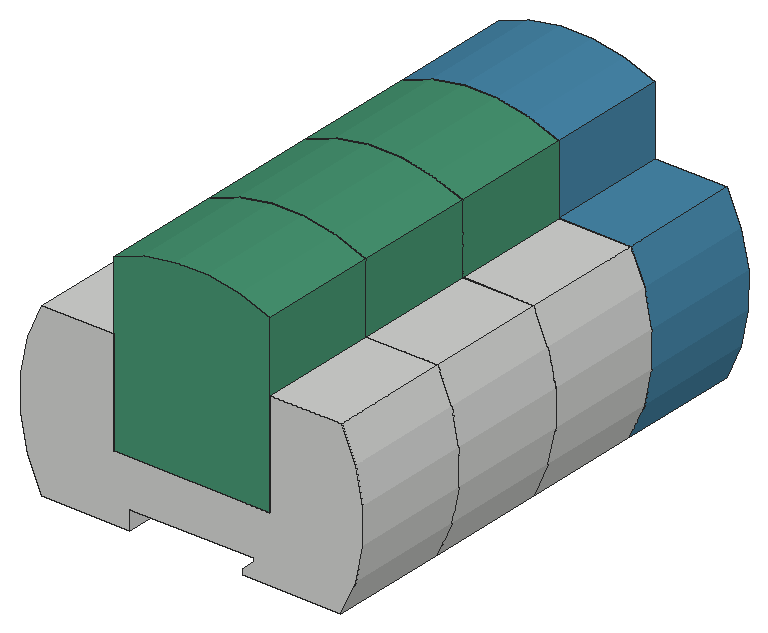
Revit family "Kombiableiter 3-polig+ NPE", category Generic Models, Revit 2015
Parameters (values of type "MCD 50-B 3+1")
  Width 1 = 44.9 mm
  Width = 100 mm
  URL = "http://www.obo-bettermann.com"
  Material 3 = PA6 MF15 BLAU
  Material 2 = PA6 GF20 FR HF RAL 6029
  Material = PA6 MF15 GRAU
  Manufacturer Art.No. = "5096879"
  Manufacturer = "OBO Bettermann"
  Length = 140 mm
  Height 1 = 49.5 mm
  Height = 74.7 mm
  GTIN = "4012195077091"
  Article Type = "MCD 50-B 3+1"
Reference planes
  plane 1 "Center (Front/Back)": y = 0
  plane 2: z = 0
  plane 3 "Center (Left/Right)": x = 0
  plane 4: z = 49.5
  plane 5: x = -50
  plane 6: x = 50
  plane 7: y = 35
  plane 8: z = 74.7
  plane 9: z = 69.58
  plane 10: y = 70
  plane 11: y = 105
  plane 12: y = 140
Forms (mm)
  Extrusion 1, solid, material "PA6 MF15 GRAU" <- "Material"
    sketch origin (0, 0, 0) x (1, 0, 0) y (0, 0, 1)
      loop
        line (-18, 0.011) -> (-18, 5.5) -> (18, 5.5) -> (18, 4.48) -> (15, 1.772) -> (15, -0.016) -> (43.44, -0.016)
        arc (43.44, -0.016) -> (49.992, 24.724) -> (43.5, 49.481) r 50.213
        line (43.5, 49.481) -> (22.7, 49.481) -> (22.7, 19) -> (-22.7, 19) -> (-22.7, 49.513) -> (-43.4, 49.513)
        arc (-43.4, 49.513) -> (-50.021, 24.767) -> (-43.44, 0.011) r 49.702
        line (-43.44, 0.011) -> (-18, 0.011)
    from -35 to 0
  Extrusion 2, solid, material "PA6 GF20 FR HF RAL 6029" <- "Material 2"
    sketch origin (0, 0, 0) x (1, 0, 0) y (0, 0, 1)
      loop
        line (-22.7, 69.58) -> (-22.7, 19) -> (22.7, 19) -> (22.7, 69.58)
        arc (22.7, 69.58) -> (0, 74.7) -> (-22.7, 69.58) r 52.881
    from -35 to 0
  Extrusion 3, solid, material "PA6 MF15 GRAU" <- "Material"
    sketch origin (0, 0, 0) x (1, 0, 0) y (0, 0, 1)
      loop
        line (-22.7, 49.513) -> (-43.4, 49.513)
        arc (-43.4, 49.513) -> (-50.021, 24.767) -> (-43.44, 0.011) r 49.702
        line (-43.44, 0.011) -> (-18, 0.011) -> (-18, 5.5) -> (18, 5.5) -> (18, 4.48) -> (15, 1.772) -> (15, -0.016) -> (43.44, -0.016)
        arc (43.44, -0.016) -> (49.992, 24.724) -> (43.5, 49.481) r 50.213
        line (43.5, 49.481) -> (22.7, 49.481) -> (22.7, 19) -> (-22.7, 19) -> (-22.7, 49.513)
    from -70 to -35
  Extrusion 4, solid, material "PA6 MF15 GRAU" <- "Material"
    sketch origin (0, 0, 0) x (1, 0, 0) y (0, 0, 1)
      loop
        line (-22.7, 49.513) -> (-43.4, 49.513)
        arc (-43.4, 49.513) -> (-50.021, 24.767) -> (-43.44, 0.011) r 49.702
        line (-43.44, 0.011) -> (-18, 0.011) -> (-18, 5.5) -> (18, 5.5) -> (18, 4.48) -> (15, 1.772) -> (15, -0.016) -> (43.44, -0.016)
        arc (43.44, -0.016) -> (49.992, 24.724) -> (43.5, 49.481) r 50.213
        line (43.5, 49.481) -> (22.7, 49.481) -> (22.7, 19) -> (-22.7, 19) -> (-22.7, 49.513)
    from -105 to -70
  Extrusion 5, solid, material "PA6 GF20 FR HF RAL 6029" <- "Material 2"
    sketch origin (0, 0, 0) x (1, 0, 0) y (0, 0, 1)
      loop
        line (-22.7, 69.58) -> (-22.7, 19) -> (22.7, 19) -> (22.7, 69.58)
        arc (22.7, 69.58) -> (0, 74.7) -> (-22.7, 69.58) r 52.881
    from -70 to -35
  Extrusion 6, solid, material "PA6 GF20 FR HF RAL 6029" <- "Material 2"
    sketch origin (0, 0, 0) x (1, 0, 0) y (0, 0, 1)
      loop
        line (-22.7, 69.58) -> (-22.7, 19) -> (22.7, 19) -> (22.7, 69.58)
        arc (22.7, 69.58) -> (0, 74.7) -> (-22.7, 69.58) r 52.881
    from -105 to -70
  Extrusion 7, solid, material "PA6 MF15 BLAU" <- "Material 3"
    sketch origin (0, 0, 0) x (1, 0, 0) y (0, 0, 1)
      loop
        arc (-43.4, 49.513) -> (-50.021, 24.767) -> (-43.44, 0.011) r 49.702
        line (-43.44, 0.011) -> (-18, 0.011) -> (-18, 5.5) -> (18, 5.5) -> (18, 4.48) -> (15, 1.772) -> (15, -0.016) -> (43.44, -0.016)
        arc (43.44, -0.016) -> (49.992, 24.724) -> (43.5, 49.481) r 50.213
        line (43.5, 49.481) -> (22.7, 49.481) -> (22.7, 69.58)
        arc (22.7, 69.58) -> (0, 74.7) -> (-22.7, 69.58) r 52.881
        line (-22.7, 69.58) -> (-22.7, 49.513) -> (-43.4, 49.513)
    from -140 to -105
Dimensions and locks
  locked: Extrusion 1 sketch curve to level at 5.5
  locked: Extrusion 1 sketch curve to Extrusion 1 sketch curve at 36
  locked: plane 3 "Center (Left/Right)" to Extrusion 1 sketch curve at 18
  locked: Extrusion 1 sketch curve to Extrusion 1 sketch curve at 33
  locked: Extrusion 1 sketch curve to level at 1.772
  locked: Extrusion 1 sketch curve to Extrusion 1 sketch curve at 1.02
  locked: Extrusion 1 sketch curve to Extrusion 1 sketch curve at 86.88
  locked: plane 3 "Center (Left/Right)" to Extrusion 1 sketch curve at 43.44
  "Height 1": plane 4 to level
  locked: Extrusion 1 sketch curve to Extrusion 1 sketch curve at 86.9
  "Width": plane 6 to plane 5
  locked: plane 3 "Center (Left/Right)" to plane 5 at 50
  locked: plane 3 "Center (Left/Right)" to Extrusion 1 sketch curve at 43.4
  locked: Extrusion 1 sketch curve to Extrusion 1 sketch curve at 45.4
  equal spacing: Extrusion 1 sketch curve, plane 3 "Center (Left/Right)", Extrusion 1 sketch curve, locked at 22.7 each
  locked: plane 4 to Extrusion 1 sketch curve at 30.5
  "Height": plane 8 to level
  plane 8 to plane 9 = 5.12 mm
  locked: plane 7 to plane 1 "Center (Front/Back)" at 35
  locked: plane 10 to plane 7 at 35
  locked: plane 11 to plane 10 at 35
  "Length": plane 1 "Center (Front/Back)" to plane 12
  radius of Extrusion 2 sketch curve = 52.881 mm
  radius of Extrusion 1 sketch curve = 49.702 mm
  radius of Extrusion 1 sketch curve = 50.213 mm
  aligned and locked: level to plane 2
  aligned and locked: plane 7 to Extrusion 1
  aligned and locked: plane 1 "Center (Front/Back)" to Extrusion 1
  aligned and locked: Extrusion 2 sketch curve to Extrusion 1  (x3)
  aligned and locked: plane 9 to Extrusion 2 sketch curve  (x2)
  aligned and locked: Extrusion 1 to Extrusion 2
  aligned and locked: plane 1 "Center (Front/Back)" to Extrusion 2
  aligned and locked: Extrusion 3 sketch curve to Extrusion 1  (x14)
  aligned and locked: plane 10 to Extrusion 3
  aligned and locked: Extrusion 3 to Extrusion 1
  aligned and locked: Extrusion 4 sketch curve to Extrusion 1  (x14)
  aligned and locked: plane 11 to Extrusion 4
  aligned and locked: Extrusion 4 to plane 10
  aligned and locked: Extrusion 5 sketch curve to Extrusion 2  (x4)
  aligned and locked: plane 10 to Extrusion 5
  aligned and locked: Extrusion 5 to Extrusion 1
  aligned and locked: Extrusion 6 sketch curve to Extrusion 2  (x4)
  aligned and locked: plane 11 to Extrusion 6
  aligned and locked: Extrusion 6 to plane 10
  aligned and locked: Extrusion 7 sketch curve to Extrusion 1  (x11)
  aligned and locked: Extrusion 2 to Extrusion 7 sketch curve
  aligned and locked: Extrusion 7 sketch curve to Extrusion 2  (x2)
  aligned and locked: plane 12 to Extrusion 7
  aligned and locked: Extrusion 7 to plane 11
Automatic sketch dimensions
  plane 4 to Extrusion 1 sketch curve = 0.013 mm
  Extrusion 1 sketch curve to Extrusion 1 sketch curve = 0.099 mm
  Extrusion 1 sketch curve to level = 0.016 mm
  Extrusion 1 sketch curve to plane 4 = 0.019 mm
